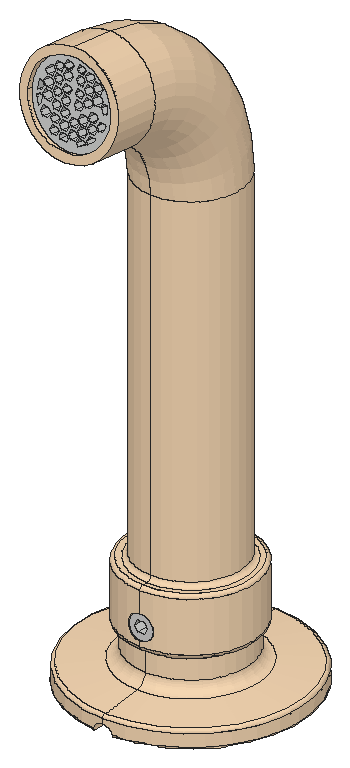
Revit family "Faucet-Wall_Mount-Bath_Spout-KOHLER-Castia-K-35922_1", category Plumbing Fixtures, host Face, Revit 2021
Family settings
  Host = Face
  Round Connector Dimension = Use Diameter
  Part Type = Normal
  OmniClass Number = 23.31.11.00
  OmniClass Title = Faucets
  Cut with Voids When Loaded = No
  Shared = No
  Room Calculation Point = No
Parameters (values of type "2MB-Vibrant Brushed Moderne Brass")
  Width = 2 127/256"  # constant formula
  WaterSense Certified = 1 = 0  # no
  Waste Water Outlet = "Waste Water Outlet"  # constant formula
  Waste Connection = 1 = 0  # no
  Vent Connection = 1 = 0  # no
  URL = "https://www.us.kohler.com/us/"
  Type = 1
  Tempered Water Inlet = "Tempered Water Inlet"  # constant formula
  Spout Reach = 6 5/8"  # constant formula
  Product Page URL = "http://www.us.kohler.com/us/catalog/productDetails.jsp?productNumber=35922"
  Product Name = "Castia\r\n"  # constant formula
  Product Documentation Link = "https://www.us.kohler.com/webassets/kpna/catalog/pdf/en/K-35922_spec_US-CA_Kohler_en.pdf"
  Pressure = 0.00 psi
  Model = if(Type = 1, "K-35922-2MB", if(Type = 2, "K-35922-BL", if(Type = 3, "K-35922-BN", if(Type = 4, "K-35922-CP", if(Type = 5, "K-35922-SN", "NA")))))  # "K-35922-2MB"
  Material = "Premium Metal Construction\r\n"  # constant formula
  Master Format 2014 Name = "Residential Faucets, Supplies, and Trim"  # constant formula
  Master Format 2014 = "22 41 39"  # constant formula
  Manufacturer Address = "444 Highland Dr, Kohler, WI 53044"  # constant formula
  Manufacturer = "Kohler Co."  # constant formula
  Length = Spout Reach  # 6 5/8"
  Hot Water Inlet = "Hot Water Inlet"  # constant formula
  Height = 2 127/256"  # constant formula
  Handle Clearance = 0"
  HW Connection = 1 = 1  # yes
  Flow Rate = 0 GPM
  Finish = Kohler-Metal-2MB-Vibrant_Brushed_Moderne_Brass
  Faucet Hole Spacing = 0"
  Environmental Product Declaration = ""
  Drain Included = 1 = 0  # no
  Description = "TUB SPOUT"  # constant formula
  Default Elevation = 36"
  Declare Label = ""
  Date Modified = "04/07/2023"  # constant formula
  Date Created = "04/07/2023"  # constant formula
  Copyright = "Copyright Kohler Co."  # constant formula
  Contact Us = "https://www.us.kohler.com/us/static/contact.jsp"
  Cold Water Inlet = "Cold Water Inlet"  # constant formula
  CW Connection = 1 = 0  # no
  Assembly Code = "D2010"
  ADA Compliant = 1 = 0  # no
Types (6): name | Type | Model | Finish
  (no name) | 1 | "K-35922-2MB" | Kohler-Metal-2MB-Vibrant_Brushed_Moderne_Brass
  2MB-Vibrant Brushed Moderne Brass | 1 | "K-35922-2MB" | Kohler-Metal-2MB-Vibrant_Brushed_Moderne_Brass
  BL-Matte Black | 2 | "K-35922-BL" | Kohler-Metal-BL-Matte_Black
  BN-Vibrant Brushed Nickel | 3 | "K-35922-BN" | Kohler-Metal-BN-Vibrant_Brushed_Nickel
  CP-Polished Chrome | 4 | "K-35922-CP" | Kohler-Metal-CP-Polished_Chrome
  SN-Vibrant Polished Nickel | 5 | "K-35922-SN" | Kohler-Metal-SN-Vibrant_Polished_Nickel
Reference planes (in)
  plane 1 "Center (Front/Back)": y = 0
  plane 2: z = 0
  plane 3 "Center (Left/Right)": x = 0
  plane 4: y = 1.24724
  plane 5: x = -1.24724
  plane 6: y = -1.79572
  plane 7: x = 1.24885
  plane 8: y = 0.71654
  plane 9: y = -0.56299
  plane 10: x = -0.56299
  plane 11: y = -0.71654
  plane 12: x = 0.71654
  plane 13: x = 0.56299
  plane 14: x = -0.71654
  plane 15: y = -1.24885
  plane 16: y = 0.56299
  plane 17: z = 6.625
  plane 18: z = 7.1811
Dimensions and locks (in)
  "Width": plane 5 to plane 7
  "Length": plane 17 to level
  plane 16 to plane 9 = 1.12598"
  plane 8 to plane 11 = 1.43307"
  plane 18 to level = 7.1811"
  "Height": plane 4 to plane 15
  plane 6 to plane 4 = 3 11/256"
  aligned and locked: plane 2 to host face
  aligned and locked: level to host face
Automatic sketch dimensions
  host sketch curve to host sketch curve = 96"  (x2)
Nested families (in)
  nested 1: "K-35922" at (0, 0, 0), type "K-35922"
Connectors (in)
  piping at (0, 0, 0), diameter 0.5, driven by "HW Connection", driven by "Tempered Water Inlet"
    settings: on nested 1, index 1, connector inside diameter 24", connector length 0", flow factor 0, pipe flow 0 GPM, pressure drop 0.00 psi, fitting loss kfactor 0, connector angle 0.00°, fixture units 0, engagement length 0", angle of deflection 0.00°, flow configuration 0, flow direction 1, fitting loss method 0, system type 19, joint type 0, gender type 0, connector reference index -1, connector utility 1, adjustable connector no, is connector primary yes, connector description "Tempered Water Inlet"
Definition of nested family "K-35922"
  Parameters
    Material = none
    Default Elevation = 0"
  Reference planes (in)
    plane 1 "Center (Front/Back)": y = 0
    plane 2: z = 0
    plane 3 "Center (Left/Right)": x = 0
    plane 4: y = 1.24724
    plane 5: y = -1.24724
    plane 6: x = -1.24724
    plane 7: x = 1.24724
    plane 8: y = -1.79606
    plane 9: z = 7.1811
    plane 10: z = 6.62598
    plane 11: x = -0.56299
    plane 12: x = 0.56299
    plane 13: x = -0.71654
    plane 14: x = 0.71654
    plane 15: y = 0.56299
    plane 16: y = -0.56299
    plane 17: y = 0.71654
    plane 18: y = -0.71654
  Forms (in)
    Revolve 1, solid, material <- "Material", detail levels medium+fine
      sketch origin (0, 0, 0) x (0, 1, 0) y (0, 0, 1)
        loop
          line (0, 0) -> (1.22756, 0)
          arc (1.22756, 0) -> (1.24148, 0.00577) -> (1.24724, 0.01969) r 0.01969
          line (1.24724, 0.01969) -> (1.24724, 0.15585)
          arc (1.24724, 0.15585) -> (1.2369, 0.18245) -> (1.21131, 0.19507) r 0.03937
          line (1.21131, 0.19507) -> (0.75802, 0.23473)
          arc (0.75802, 0.23473) -> (0.67424, 0.27604) -> (0.64038, 0.36311) r 0.12887
          line (0.64038, 0.36311) -> (0.64038, 0.58214)
          arc (0.64038, 0.58214) -> (0.63589, 0.60073) -> (0.62341, 0.61522) r 0.04071
          line (0.62341, 0.61522) -> (0.67458, 0.61522)
          arc (0.67458, 0.61522) -> (0.70425, 0.62751) -> (0.71654, 0.65717) r 0.04196
          line (0.71654, 0.65717) -> (0.71654, 1.22744)
          arc (0.71654, 1.22744) -> (0.705, 1.25528) -> (0.67717, 1.26681) r 0.03937
          line (0.67717, 1.26681) -> (0.6153, 1.26681)
          arc (0.6153, 1.26681) -> (0.57831, 1.28213) -> (0.56299, 1.31912) r 0.05231
          line (0.56299, 1.31912) -> (0.56299, 1.37184) -> (0, 1.37184) -> (0, 0)
        axis (0, 0) -> (0, 1.37184)
      angle from 0 to 360
    Sweep 2, solid, material <- "Material", detail levels medium+fine
      path origin (0, 0, 0) x (0, 1, 0) y (0, 0, 1)
        loop
          line (0, 1.06129) -> (0, 5.19515)
          arc (0, 5.19515) -> (-0.34593, 6.10821) -> (-1.21002, 6.56283) r 1.37795
          line (-1.21002, 6.56283) -> (-1.72437, 6.62598)
      profile origin (0, 0, 3.12822) x (0, -1, 0) y (1, 0, 0)
        loop
          circle (0, 0) r 0.56299
    Extrusion 3, void
      sketch origin (0, -1.72437, 6.62598) x (1, 0, 0) y (0, 0.121869, 0.992546)
        loop
          circle (0, 0) r 0.47244
      from -0.27302 to 1.00587
    Extrusion 4, solid, detail levels medium+fine
      sketch origin (0, -1.72437, 6.62598) x (1, 0, 0) y (0, 0.121869, 0.992546)
        loop
          circle (0, 0) r 0.47244
        loop
          line (-0.12628, 0.00106) -> (-0.097, -0.04965) -> (-0.03792, -0.04965) -> (-0.02, 0.00049) -> (-0.04194, 0.04755) -> (-0.09944, 0.04755) -> (-0.12628, 0.00106)
        loop
          line (-0.20082, 0.10033) -> (-0.22711, 0.0548) -> (-0.20082, 0.00927) -> (-0.14825, 0.00927) -> (-0.12197, 0.0548) -> (-0.14825, 0.10033) -> (-0.20082, 0.10033)
        loop
          line (-0.20082, 0.2253) -> (-0.22431, 0.18462) -> (-0.20082, 0.13425) -> (-0.14825, 0.13425) -> (-0.12197, 0.17977) -> (-0.14825, 0.2253) -> (-0.20082, 0.2253)
        loop
          line (-0.20082, 0.34966) -> (-0.22711, 0.30413) -> (-0.20082, 0.2586) -> (-0.14825, 0.2586) -> (-0.12197, 0.30413) -> (-0.14825, 0.34966) -> (-0.20082, 0.34966)
        loop
          line (-0.09837, 0.15741) -> (-0.12541, 0.11058) -> (-0.09837, 0.06374) -> (-0.04429, 0.06374) -> (-0.01725, 0.11058) -> (-0.04429, 0.15741) -> (-0.09837, 0.15741)
        loop
          line (-0.09837, 0.29032) -> (-0.12541, 0.24348) -> (-0.09837, 0.19665) -> (-0.04429, 0.19665) -> (-0.01725, 0.24348) -> (-0.04429, 0.29032) -> (-0.09837, 0.29032)
        loop
          line (-0.09837, 0.39183) -> (-0.12541, 0.345) -> (-0.09837, 0.29816) -> (-0.04429, 0.29816) -> (-0.01725, 0.345) -> (-0.04429, 0.39183) -> (-0.09837, 0.39183)
        loop
          line (-0.30763, 0.16718) -> (-0.33835, 0.11398) -> (-0.30763, 0.06078) -> (-0.2462, 0.06078) -> (-0.21549, 0.11398) -> (-0.2462, 0.16718) -> (-0.30763, 0.16718)
        loop
          line (-0.3988, 0.00927) -> (-0.3539, 0.00927) -> (-0.32416, 0.06078) -> (-0.35097, 0.10722) -> (-0.38504, 0.10722) -> (-0.3988, 0.00927)
        loop
          line (-0.32617, 0.22669) -> (-0.30377, 0.1879) -> (-0.24723, 0.1879) -> (-0.2191, 0.23664) -> (-0.23654, 0.29032) -> (-0.27278, 0.29032) -> (-0.32617, 0.22669)
        loop
          line (0.12573, 0.00201) -> (0.09944, 0.04755) -> (0.04194, 0.04755) -> (0.01913, -0.00137) -> (0.03539, -0.05141) -> (0.10664, -0.05141) -> (0.12573, 0.00201)
        loop
          line (0.20082, 0.10033) -> (0.14825, 0.10033) -> (0.12197, 0.0548) -> (0.14825, 0.00927) -> (0.20082, 0.00927) -> (0.22711, 0.0548) -> (0.20082, 0.10033)
        loop
          line (0.20082, 0.2253) -> (0.14825, 0.2253) -> (0.12197, 0.17977) -> (0.14825, 0.13425) -> (0.20082, 0.13425) -> (0.22711, 0.17977) -> (0.20082, 0.2253)
        loop
          line (0.20082, 0.34966) -> (0.14825, 0.34966) -> (0.12197, 0.30413) -> (0.14825, 0.2586) -> (0.20082, 0.2586) -> (0.22711, 0.30413) -> (0.20082, 0.34966)
        loop
          line (0.09837, 0.15741) -> (0.04429, 0.15741) -> (0.01725, 0.11058) -> (0.04429, 0.06374) -> (0.09837, 0.06374) -> (0.12541, 0.11058) -> (0.09837, 0.15741)
        loop
          line (0.09837, 0.29032) -> (0.04429, 0.29032) -> (0.01725, 0.24348) -> (0.04429, 0.19665) -> (0.09837, 0.19665) -> (0.12541, 0.24348) -> (0.09837, 0.29032)
        loop
          line (0.09837, 0.39183) -> (0.04429, 0.39183) -> (0.01725, 0.345) -> (0.04429, 0.29816) -> (0.09837, 0.29816) -> (0.12541, 0.345) -> (0.09837, 0.39183)
        loop
          line (0.30763, 0.16718) -> (0.2462, 0.16718) -> (0.21549, 0.11398) -> (0.2462, 0.06078) -> (0.30763, 0.06078) -> (0.33835, 0.11398) -> (0.30763, 0.16718)
        loop
          line (0.3988, 0.00927) -> (0.38504, 0.10722) -> (0.35097, 0.10722) -> (0.32416, 0.06078) -> (0.3539, 0.00927) -> (0.3988, 0.00927)
        loop
          line (0.32617, 0.22669) -> (0.27278, 0.29032) -> (0.23654, 0.29032) -> (0.2191, 0.23664) -> (0.24723, 0.1879) -> (0.30377, 0.1879) -> (0.32617, 0.22669)
        loop
          line (-0.20082, -0.02895) -> (-0.22711, -0.07448) -> (-0.20082, -0.12) -> (-0.14825, -0.12) -> (-0.12197, -0.07448) -> (-0.14825, -0.02895) -> (-0.20082, -0.02895)
        loop
          line (-0.20082, -0.16185) -> (-0.22711, -0.20738) -> (-0.20082, -0.25291) -> (-0.14825, -0.25291) -> (-0.12197, -0.20738) -> (-0.14825, -0.16185) -> (-0.20082, -0.16185)
        loop
          line (-0.20082, -0.27604) -> (-0.22711, -0.32157) -> (-0.20082, -0.3671) -> (-0.14825, -0.3671) -> (-0.12197, -0.32157) -> (-0.14825, -0.27604) -> (-0.20082, -0.27604)
        loop
          line (-0.09481, -0.07036) -> (-0.12425, -0.12135) -> (-0.09636, -0.16966) -> (-0.04286, -0.16966) -> (-0.01419, -0.12) -> (-0.04285, -0.07036) -> (-0.09481, -0.07036)
        loop
          line (-0.12656, -0.24117) -> (-0.09813, -0.29042) -> (-0.03941, -0.29042) -> (-0.01101, -0.24124) -> (-0.04074, -0.18975) -> (-0.09687, -0.18975) -> (-0.12656, -0.24117)
        loop
          line (-0.11888, -0.34684) -> (-0.11202, -0.38575) -> (-0.03528, -0.39928) -> (-0.01355, -0.36164) -> (-0.04169, -0.31289) -> (-0.09928, -0.31289) -> (-0.11888, -0.34684)
        loop
          line (-0.02139, -0.18062) -> (0.00676, -0.22937) -> (0.06305, -0.22937) -> (0.0905, -0.18182) -> (0.06136, -0.13135) -> (0.00706, -0.13135) -> (-0.02139, -0.18062)
        loop
          line (0.08191, -0.12045) -> (0.11033, -0.16966) -> (0.16751, -0.16966) -> (0.19618, -0.12) -> (0.16751, -0.07036) -> (0.10527, -0.07036) -> (0.08191, -0.12045)
        loop
          line (0.18565, -0.06781) -> (0.21289, -0.11499) -> (0.26979, -0.11499) -> (0.30094, -0.06105) -> (0.27248, -0.01175) -> (0.21179, -0.01175) -> (0.18565, -0.06781)
        loop
          line (-0.02106, -0.30057) -> (0.00928, -0.35312) -> (0.06159, -0.35312) -> (0.091, -0.30219) -> (0.06149, -0.25109) -> (0.00751, -0.25109) -> (-0.02106, -0.30057)
        loop
          line (0.0985, -0.38828) -> (0.19158, -0.35312) -> (0.16835, -0.31289) -> (0.10854, -0.31289) -> (0.08176, -0.35928) -> (0.0985, -0.38828)
        loop
          line (0.08135, -0.23978) -> (0.11122, -0.29152) -> (0.16799, -0.29152) -> (0.19655, -0.24206) -> (0.16548, -0.18826) -> (0.1111, -0.18826) -> (0.08135, -0.23978)
        loop
          line (0.20654, -0.3363) -> (0.28824, -0.27695) -> (0.28278, -0.24599) -> (0.21466, -0.25109) -> (0.186, -0.30073) -> (0.20654, -0.3363)
        loop
          line (0.1851, -0.18029) -> (0.21343, -0.22937) -> (0.27398, -0.22937) -> (0.30195, -0.18092) -> (0.27333, -0.13135) -> (0.21336, -0.13135) -> (0.1851, -0.18029)
        loop
          line (0.36445, -0.17016) -> (0.38965, -0.10013) -> (0.37327, -0.07175) -> (0.31926, -0.07175) -> (0.29018, -0.12212) -> (0.31466, -0.17016) -> (0.36445, -0.17016)
        loop
          line (-0.30763, 0.03695) -> (-0.33835, -0.01625) -> (-0.30763, -0.06945) -> (-0.2462, -0.06945) -> (-0.21549, -0.01625) -> (-0.2462, 0.03695) -> (-0.30763, 0.03695)
        loop
          line (-0.31993, -0.12572) -> (-0.35065, -0.17892) -> (-0.31993, -0.23212) -> (-0.25851, -0.23212) -> (-0.22779, -0.17892) -> (-0.25851, -0.12572) -> (-0.31993, -0.12572)
        loop
          line (-0.40708, -0.04965) -> (-0.37265, -0.14082) -> (-0.33672, -0.12251) -> (-0.34453, -0.03321) -> (-0.3785, -0.02107) -> (-0.40708, -0.04965)
      from -0.27302 to -0.05081
    Extrusion 5, void
      sketch origin (0, 0, 0) x (1, 0, 0) y (0, 0, 1)
        loop
          circle (0, 0.85227) r 0.14173
      from 0.36209 to 1.59599
    Extrusion 6, solid, detail levels medium+fine
      sketch origin (0, 0, 0) x (1, 0, 0) y (0, 0, 1)
        loop
          circle (0, 0.85227) r 0.1378
        loop
          line (-0.03675, 0.91593) -> (-0.0735, 0.85227) -> (-0.03675, 0.78862) -> (0.03675, 0.78862) -> (0.0735, 0.85227) -> (0.03675, 0.91593) -> (-0.03675, 0.91593)
      from 0.36209 to 0.70191
    Extrusion 7, void
      sketch origin (0, 0, 0) x (1, 0, 0) y (0, 0, 1)
        loop
          circle (0, 0) r 0.10644
      from 0.79162 to 9.84252
    Revolve 8, solid, material <- "Material", detail levels coarse
      sketch origin (0, 0, 0) x (0, 1, 0) y (0, 0, 1)
        loop
          line (0, 0) -> (1.24724, 0) -> (1.24724, 0.38759) -> (0.71654, 0.38759) -> (0.71654, 1.37184) -> (0, 1.37184) -> (0, 0)
        axis (0, 0) -> (0, 1.37184)
      angle from 0 to 360
    Sweep 9, solid, material <- "Material", detail levels coarse
      path origin (0, 0, 0) x (0, 1, 0) y (0, 0, 1)
        loop
          line (0, 1.21542) -> (0, 5.19515)
          arc (0, 5.19515) -> (-0.34593, 6.10821) -> (-1.21002, 6.56283) r 1.37795
          line (-1.21002, 6.56283) -> (-1.72437, 6.62598)
      profile origin (0, 0, 3.20528) x (0, -1, 0) y (1, 0, 0)
        loop
          circle (0, 0) r 0.56299
    Extrusion 10, solid, material <- "Material", detail levels medium+fine
      sketch origin (0, 0, 0) x (1, 0, 0) y (0, 1, 0)
        loop
          circle (0, 0) r 0.03937
      from 0 to 0.02228
  Cuts and joins
    Extrusion 5, Extrusion 7 cuts Revolve 1
    Extrusion 3, Extrusion 5 cuts Sweep 2
    joined: Revolve 1, Sweep 2
    joined: Revolve 8, Sweep 9
  Lines and regions (in)
    Masking region 1
      outline origin (0, 0, 0) x (1, 0, 0) y (0, 1, 0)
        loop
          spline (-0.56299, -1.72437) -> (-0.54381, -1.74292) -> (-0.48757, -1.76021) -> (-0.3981, -1.77506) -> (-0.2815, -1.78646) -> (-0.14571, -1.79362) -> (0, -1.79606) -> (0.14571, -1.79362) -> (0.2815, -1.78646) -> (0.3981, -1.77506) -> (0.48757, -1.76021) -> (0.54381, -1.74292) -> (0.56299, -1.72437)
          line (0.56299, -1.72437) -> (0.56299, -1.11295)
          arc (0.56299, -1.11295) -> (0, 1.24724) -> (-0.56299, -1.11295) r 1.24724
          line (-0.56299, -1.11295) -> (-0.56299, -1.72437)
    Masking region 2
      outline origin (0, 0, 0) x (1, 0, 0) y (0, 0, 1)
        loop
          line (0, 0) -> (1.22756, 0)
          arc (1.22756, 0) -> (1.24148, 0.00577) -> (1.24724, 0.01969) r 0.01969
          line (1.24724, 0.01969) -> (1.24724, 0.16077)
          arc (1.24724, 0.16077) -> (1.2369, 0.18737) -> (1.21131, 0.19999) r 0.03937
          line (1.21131, 0.19999) -> (0.76429, 0.2391)
          arc (0.76429, 0.2391) -> (0.67745, 0.28193) -> (0.64235, 0.37217) r 0.13358
          line (0.64235, 0.37217) -> (0.64235, 0.59253)
          arc (0.64235, 0.59253) -> (0.63693, 0.60724) -> (0.62325, 0.61491) r 0.02265
          line (0.62325, 0.61491) -> (0.67717, 0.61491)
          arc (0.67717, 0.61491) -> (0.705, 0.62644) -> (0.71654, 0.65428) r 0.03937
          line (0.71654, 0.65428) -> (0.71654, 1.22797)
          arc (0.71654, 1.22797) -> (0.705, 1.25581) -> (0.67717, 1.26735) r 0.03937
          line (0.67717, 1.26735) -> (0.61681, 1.26735)
          arc (0.61681, 1.26735) -> (0.57875, 1.28311) -> (0.56299, 1.32116) r 0.05382
          line (0.56299, 1.32116) -> (0.56299, 6.61925)
          arc (0.56299, 6.61925) -> (0, 7.18224) -> (-0.56299, 6.61925) r 0.56299
          line (-0.56299, 6.61925) -> (-0.56299, 1.32116)
          arc (-0.56299, 1.32116) -> (-0.57875, 1.28311) -> (-0.61681, 1.26735) r 0.05382
          line (-0.61681, 1.26735) -> (-0.67717, 1.26735)
          arc (-0.67717, 1.26735) -> (-0.705, 1.25581) -> (-0.71654, 1.22797) r 0.03937
          line (-0.71654, 1.22797) -> (-0.71654, 0.65428)
          arc (-0.71654, 0.65428) -> (-0.705, 0.62644) -> (-0.67717, 0.61491) r 0.03937
          line (-0.67717, 0.61491) -> (-0.62325, 0.61491)
          arc (-0.62325, 0.61491) -> (-0.63693, 0.60724) -> (-0.64235, 0.59253) r 0.02265
          line (-0.64235, 0.59253) -> (-0.64235, 0.37217)
          arc (-0.64235, 0.37217) -> (-0.67745, 0.28193) -> (-0.76429, 0.2391) r 0.13358
          line (-0.76429, 0.2391) -> (-1.21131, 0.19999)
          arc (-1.21131, 0.19999) -> (-1.2369, 0.18737) -> (-1.24724, 0.16077) r 0.03937
          line (-1.24724, 0.16077) -> (-1.24724, 0.01969)
          arc (-1.24724, 0.01969) -> (-1.24148, 0.00577) -> (-1.22756, 0) r 0.01969
          line (-1.22756, 0) -> (0, 0)
    Masking region 3
      outline origin (0, 0, 0) x (0, 1, 0) y (0, 0, 1)
        loop
          line (0, 0) -> (1.22756, 0)
          arc (1.22756, 0) -> (1.24148, 0.00577) -> (1.24724, 0.01969) r 0.01969
          line (1.24724, 0.01969) -> (1.24724, 0.15626)
          arc (1.24724, 0.15626) -> (1.2369, 0.18286) -> (1.21131, 0.19548) r 0.03937
          line (1.21131, 0.19548) -> (0.75951, 0.23501)
          arc (0.75951, 0.23501) -> (0.67351, 0.27742) -> (0.63875, 0.3668) r 0.13229
          line (0.63875, 0.3668) -> (0.63875, 0.58798)
          arc (0.63875, 0.58798) -> (0.6306, 0.60766) -> (0.61091, 0.61581) r 0.02784
          line (0.61091, 0.61581) -> (0.67433, 0.61581)
          arc (0.67433, 0.61581) -> (0.70417, 0.62818) -> (0.71654, 0.65802) r 0.04221
          line (0.71654, 0.65802) -> (0.71654, 1.22755)
          arc (0.71654, 1.22755) -> (0.705, 1.25539) -> (0.67717, 1.26692) r 0.03937
          line (0.67717, 1.26692) -> (0.60236, 1.26692)
          arc (0.60236, 1.26692) -> (0.57452, 1.27845) -> (0.56299, 1.30629) r 0.03937
          line (0.56299, 1.30629) -> (0.56299, 5.24568)
          arc (0.56299, 5.24568) -> (0.09064, 6.49242) -> (-1.08924, 7.11318) r 1.88153
          line (-1.08924, 7.11318) -> (-1.64173, 7.18102)
          arc (-1.64173, 7.18102) -> (-1.65625, 7.177) -> (-1.66367, 7.16388) r 0.01969
          line (-1.66367, 7.16388) -> (-1.79592, 6.0868)
          arc (-1.79592, 6.0868) -> (-1.79188, 6.07224) -> (-1.77874, 6.06481) r 0.01973
          line (-1.77874, 6.06481) -> (-1.25443, 6.00043)
          arc (-1.25443, 6.00043) -> (-0.76066, 5.74065) -> (-0.56299, 5.2189) r 0.7874
          line (-0.56299, 5.2189) -> (-0.56299, 1.30629)
          arc (-0.56299, 1.30629) -> (-0.57452, 1.27845) -> (-0.60236, 1.26692) r 0.03937
          line (-0.60236, 1.26692) -> (-0.67717, 1.26692)
          arc (-0.67717, 1.26692) -> (-0.705, 1.25539) -> (-0.71654, 1.22755) r 0.03937
          line (-0.71654, 1.22755) -> (-0.71654, 0.65802)
          arc (-0.71654, 0.65802) -> (-0.70417, 0.62818) -> (-0.67433, 0.61581) r 0.04221
          line (-0.67433, 0.61581) -> (-0.61091, 0.61581)
          arc (-0.61091, 0.61581) -> (-0.6306, 0.60766) -> (-0.63875, 0.58798) r 0.02784
          line (-0.63875, 0.58798) -> (-0.63875, 0.3668)
          arc (-0.63875, 0.3668) -> (-0.67351, 0.27742) -> (-0.75951, 0.23501) r 0.13229
          line (-0.75951, 0.23501) -> (-1.21131, 0.19548)
          arc (-1.21131, 0.19548) -> (-1.2369, 0.18286) -> (-1.24724, 0.15626) r 0.03937
          line (-1.24724, 0.15626) -> (-1.24724, 0.01969)
          arc (-1.24724, 0.01969) -> (-1.24148, 0.00577) -> (-1.22756, 0) r 0.01969
          line (-1.22756, 0) -> (0, 0)
    symbolic lines, detail levels medium+fine
      curve 1: line (-0.56299, -1.09073, 0) -> (-0.56299, 0.00454, 0)
      curve 2: line (0.56299, -1.09073, 0) -> (0.56299, 0.00454, 0)
      curve 3: arc (-0.56299, 0.00454, 0) -> (0, 0.56753, 0) -> (0.56299, 0.00454, 0) r 0.56299
      curve 4: spline (-0.56299, -1.72437, 0) -> (-0.54381, -1.70581, 0) -> (-0.48757, -1.68852, 0) -> (-0.3981, -1.67367, 0) -> (-0.2815, -1.66228, 0) -> (-0.14571, -1.65511, 0) -> (0, -1.65267, 0) -> (0.14571, -1.65511, 0) -> (0.2815, -1.66228, 0) -> (0.3981, -1.67367, 0) -> (0.48757, -1.68852, 0) -> (0.54381, -1.70581, 0) -> (0.56299, -1.72437, 0)
      curve 5: spline (0.54028, -1.72437, 0) -> (0.52187, -1.73767, 0) -> (0.4679, -1.75006, 0) -> (0.38204, -1.76071, 0) -> (0.27014, -1.76888, 0) -> (0.13984, -1.77401, 0) -> (0, -1.77576, 0) -> (-0.13984, -1.77401, 0) -> (-0.27014, -1.76888, 0) -> (-0.38204, -1.76071, 0) -> (-0.4679, -1.75006, 0) -> (-0.52187, -1.73767, 0) -> (-0.54028, -1.72437, 0) -> (-0.52187, -1.71106, 0) -> (-0.4679, -1.69867, 0) -> (-0.38204, -1.68802, 0) -> (-0.27014, -1.67986, 0) -> (-0.13984, -1.67472, 0) -> (0, -1.67297, 0) -> (0.13984, -1.67472, 0) -> (0.27014, -1.67986, 0) -> (0.38204, -1.68802, 0) -> (0.4679, -1.69867, 0) -> (0.52187, -1.71106, 0) -> (0.54028, -1.72437, 0)
      curve 6: spline (0.50994, -1.72437, 0) -> (0.49256, -1.73293, 0) -> (0.44162, -1.7409, 0) -> (0.36058, -1.74775, 0) -> (0.25497, -1.753, 0) -> (0.13198, -1.75631, 0) -> (0, -1.75744, 0) -> (-0.13198, -1.75631, 0) -> (-0.25497, -1.753, 0) -> (-0.36058, -1.74775, 0) -> (-0.44162, -1.7409, 0) -> (-0.49256, -1.73293, 0) -> (-0.50994, -1.72437, 0) -> (-0.49256, -1.71581, 0) -> (-0.44162, -1.70783, 0) -> (-0.36058, -1.70098, 0) -> (-0.25497, -1.69573, 0) -> (-0.13198, -1.69242, 0) -> (0, -1.6913, 0) -> (0.13198, -1.69242, 0) -> (0.25497, -1.69573, 0) -> (0.36058, -1.70098, 0) -> (0.44162, -1.70783, 0) -> (0.49256, -1.71581, 0) -> (0.50994, -1.72437, 0)
      curve 7: spline (-0.45682, -1.72319, 0) -> (-0.45577, -1.72522, 0) -> (-0.45269, -1.72712, 0) -> (-0.4478, -1.72875, 0) -> (-0.44142, -1.73001, 0) -> (-0.43399, -1.73079, 0) -> (-0.42602, -1.73106, 0) -> (-0.41804, -1.73079, 0) -> (-0.41061, -1.73001, 0) -> (-0.40423, -1.72875, 0) -> (-0.39934, -1.72712, 0) -> (-0.39626, -1.72522, 0) -> (-0.39521, -1.72319, 0) -> (-0.39626, -1.72115, 0) -> (-0.39934, -1.71925, 0) -> (-0.40423, -1.71762, 0) -> (-0.41061, -1.71637, 0) -> (-0.41804, -1.71558, 0) -> (-0.42602, -1.71531, 0) -> (-0.43399, -1.71558, 0) -> (-0.44142, -1.71637, 0) -> (-0.4478, -1.71762, 0) -> (-0.45269, -1.71925, 0) -> (-0.45577, -1.72115, 0) -> (-0.45682, -1.72319, 0)
      curve 8: spline (-0.37643, -1.73022, 0) -> (-0.37538, -1.73226, 0) -> (-0.3723, -1.73416, 0) -> (-0.36741, -1.73579, 0) -> (-0.36103, -1.73704, 0) -> (-0.3536, -1.73783, 0) -> (-0.34563, -1.73809, 0) -> (-0.33766, -1.73783, 0) -> (-0.33023, -1.73704, 0) -> (-0.32385, -1.73579, 0) -> (-0.31895, -1.73416, 0) -> (-0.31587, -1.73226, 0) -> (-0.31483, -1.73022, 0) -> (-0.31587, -1.72818, 0) -> (-0.31895, -1.72628, 0) -> (-0.32385, -1.72465, 0) -> (-0.33023, -1.7234, 0) -> (-0.33766, -1.72261, 0) -> (-0.34563, -1.72235, 0) -> (-0.3536, -1.72261, 0) -> (-0.36103, -1.7234, 0) -> (-0.36741, -1.72465, 0) -> (-0.3723, -1.72628, 0) -> (-0.37538, -1.72818, 0) -> (-0.37643, -1.73022, 0)
      curve 9: spline (-0.33329, -1.7101, 0) -> (-0.33224, -1.71214, 0) -> (-0.32916, -1.71404, 0) -> (-0.32427, -1.71567, 0) -> (-0.31789, -1.71692, 0) -> (-0.31046, -1.71771, 0) -> (-0.30249, -1.71798, 0) -> (-0.29451, -1.71771, 0) -> (-0.28708, -1.71692, 0) -> (-0.28071, -1.71567, 0) -> (-0.27581, -1.71404, 0) -> (-0.27273, -1.71214, 0) -> (-0.27168, -1.7101, 0) -> (-0.27273, -1.70806, 0) -> (-0.27581, -1.70617, 0) -> (-0.28071, -1.70453, 0) -> (-0.28708, -1.70328, 0) -> (-0.29451, -1.7025, 0) -> (-0.30249, -1.70223, 0) -> (-0.31046, -1.7025, 0) -> (-0.31789, -1.70328, 0) -> (-0.32427, -1.70453, 0) -> (-0.32916, -1.70617, 0) -> (-0.33224, -1.70806, 0) -> (-0.33329, -1.7101, 0)
      curve 10: spline (-0.30047, -1.74292, 0) -> (-0.29942, -1.74496, 0) -> (-0.29635, -1.74686, 0) -> (-0.29145, -1.74849, 0) -> (-0.28507, -1.74974, 0) -> (-0.27764, -1.75052, 0) -> (-0.26967, -1.75079, 0) -> (-0.2617, -1.75052, 0) -> (-0.25427, -1.74974, 0) -> (-0.24789, -1.74849, 0) -> (-0.24299, -1.74686, 0) -> (-0.23992, -1.74496, 0) -> (-0.23887, -1.74292, 0) -> (-0.23992, -1.74088, 0) -> (-0.24299, -1.73898, 0) -> (-0.24789, -1.73735, 0) -> (-0.25427, -1.7361, 0) -> (-0.2617, -1.73531, 0) -> (-0.26967, -1.73504, 0) -> (-0.27764, -1.73531, 0) -> (-0.28507, -1.7361, 0) -> (-0.29145, -1.73735, 0) -> (-0.29635, -1.73898, 0) -> (-0.29942, -1.74088, 0) -> (-0.30047, -1.74292, 0)
      curve 11: spline (-0.26032, -1.71481, 0) -> (-0.25927, -1.71684, 0) -> (-0.2562, -1.71874, 0) -> (-0.2513, -1.72037, 0) -> (-0.24492, -1.72163, 0) -> (-0.23749, -1.72241, 0) -> (-0.22952, -1.72268, 0) -> (-0.22155, -1.72241, 0) -> (-0.21412, -1.72163, 0) -> (-0.20774, -1.72037, 0) -> (-0.20285, -1.71874, 0) -> (-0.19977, -1.71684, 0) -> (-0.19872, -1.71481, 0) -> (-0.19977, -1.71277, 0) -> (-0.20285, -1.71087, 0) -> (-0.20774, -1.70924, 0) -> (-0.21412, -1.70799, 0) -> (-0.22155, -1.7072, 0) -> (-0.22952, -1.70693, 0) -> (-0.23749, -1.7072, 0) -> (-0.24492, -1.70799, 0) -> (-0.2513, -1.70924, 0) -> (-0.2562, -1.71087, 0) -> (-0.25927, -1.71277, 0) -> (-0.26032, -1.71481, 0)
      curve 12: spline (-0.23021, -1.74492, 0) -> (-0.22916, -1.74696, 0) -> (-0.22608, -1.74886, 0) -> (-0.22119, -1.75049, 0) -> (-0.21481, -1.75174, 0) -> (-0.20738, -1.75253, 0) -> (-0.19941, -1.7528, 0) -> (-0.19143, -1.75253, 0) -> (-0.184, -1.75174, 0) -> (-0.17763, -1.75049, 0) -> (-0.17273, -1.74886, 0) -> (-0.16965, -1.74696, 0) -> (-0.1686, -1.74492, 0) -> (-0.16965, -1.74288, 0) -> (-0.17273, -1.74098, 0) -> (-0.17763, -1.73935, 0) -> (-0.184, -1.7381, 0) -> (-0.19143, -1.73732, 0) -> (-0.19941, -1.73705, 0) -> (-0.20738, -1.73732, 0) -> (-0.21481, -1.7381, 0) -> (-0.22119, -1.73935, 0) -> (-0.22608, -1.74098, 0) -> (-0.22916, -1.74288, 0) -> (-0.23021, -1.74492, 0)
      curve 13: spline (-0.18813, -1.71546, 0) -> (-0.18708, -1.71749, 0) -> (-0.184, -1.71939, 0) -> (-0.17911, -1.72102, 0) -> (-0.17273, -1.72227, 0) -> (-0.1653, -1.72306, 0) -> (-0.15732, -1.72333, 0) -> (-0.14935, -1.72306, 0) -> (-0.14192, -1.72227, 0) -> (-0.13554, -1.72102, 0) -> (-0.13065, -1.71939, 0) -> (-0.12757, -1.71749, 0) -> (-0.12652, -1.71546, 0) -> (-0.12757, -1.71342, 0) -> (-0.13065, -1.71152, 0) -> (-0.13554, -1.70989, 0) -> (-0.14192, -1.70864, 0) -> (-0.14935, -1.70785, 0) -> (-0.15732, -1.70758, 0) -> (-0.1653, -1.70785, 0) -> (-0.17273, -1.70864, 0) -> (-0.17911, -1.70989, 0) -> (-0.184, -1.71152, 0) -> (-0.18708, -1.71342, 0) -> (-0.18813, -1.71546, 0)
      curve 14: spline (-0.1592, -1.74438, 0) -> (-0.15815, -1.74642, 0) -> (-0.15507, -1.74832, 0) -> (-0.15018, -1.74995, 0) -> (-0.1438, -1.7512, 0) -> (-0.13637, -1.75199, 0) -> (-0.1284, -1.75226, 0) -> (-0.12042, -1.75199, 0) -> (-0.11299, -1.7512, 0) -> (-0.10661, -1.74995, 0) -> (-0.10172, -1.74832, 0) -> (-0.09864, -1.74642, 0) -> (-0.09759, -1.74438, 0) -> (-0.09864, -1.74235, 0) -> (-0.10172, -1.74045, 0) -> (-0.10661, -1.73882, 0) -> (-0.11299, -1.73757, 0) -> (-0.12042, -1.73678, 0) -> (-0.1284, -1.73651, 0) -> (-0.13637, -1.73678, 0) -> (-0.1438, -1.73757, 0) -> (-0.15018, -1.73882, 0) -> (-0.15507, -1.74045, 0) -> (-0.15815, -1.74235, 0) -> (-0.1592, -1.74438, 0)
      curve 15: spline (-0.11737, -1.70929, 0) -> (-0.11632, -1.71132, 0) -> (-0.11324, -1.71322, 0) -> (-0.10835, -1.71485, 0) -> (-0.10197, -1.71611, 0) -> (-0.09454, -1.71689, 0) -> (-0.08657, -1.71716, 0) -> (-0.0786, -1.71689, 0) -> (-0.07117, -1.71611, 0) -> (-0.06479, -1.71485, 0) -> (-0.05989, -1.71322, 0) -> (-0.05681, -1.71132, 0) -> (-0.05576, -1.70929, 0) -> (-0.05681, -1.70725, 0) -> (-0.05989, -1.70535, 0) -> (-0.06479, -1.70372, 0) -> (-0.07117, -1.70247, 0) -> (-0.0786, -1.70168, 0) -> (-0.08657, -1.70141, 0) -> (-0.09454, -1.70168, 0) -> (-0.10197, -1.70247, 0) -> (-0.10835, -1.70372, 0) -> (-0.11324, -1.70535, 0) -> (-0.11632, -1.70725, 0) -> (-0.11737, -1.70929, 0)
      curve 16: spline (-0.08529, -1.74136, 0) -> (-0.08424, -1.7434, 0) -> (-0.08117, -1.7453, 0) -> (-0.07627, -1.74693, 0) -> (-0.06989, -1.74818, 0) -> (-0.06246, -1.74897, 0) -> (-0.05449, -1.74924, 0) -> (-0.04652, -1.74897, 0) -> (-0.03909, -1.74818, 0) -> (-0.03271, -1.74693, 0) -> (-0.02782, -1.7453, 0) -> (-0.02474, -1.7434, 0) -> (-0.02369, -1.74136, 0) -> (-0.02474, -1.73932, 0) -> (-0.02782, -1.73743, 0) -> (-0.03271, -1.73579, 0) -> (-0.03909, -1.73454, 0) -> (-0.04652, -1.73376, 0) -> (-0.05449, -1.73349, 0) -> (-0.06246, -1.73376, 0) -> (-0.06989, -1.73454, 0) -> (-0.07627, -1.73579, 0) -> (-0.08117, -1.73743, 0) -> (-0.08424, -1.73932, 0) -> (-0.08529, -1.74136, 0)
      curve 17: spline (-0.04906, -1.70513, 0) -> (-0.04801, -1.70717, 0) -> (-0.04494, -1.70907, 0) -> (-0.04004, -1.7107, 0) -> (-0.03366, -1.71195, 0) -> (-0.02623, -1.71274, 0) -> (-0.01826, -1.71301, 0) -> (-0.01029, -1.71274, 0) -> (-0.00286, -1.71195, 0) -> (0.00352, -1.7107, 0) -> (0.00841, -1.70907, 0) -> (0.01149, -1.70717, 0) -> (0.01254, -1.70513, 0) -> (0.01149, -1.70309, 0) -> (0.00841, -1.7012, 0) -> (0.00352, -1.69957, 0) -> (-0.00286, -1.69831, 0) -> (-0.01029, -1.69753, 0) -> (-0.01826, -1.69726, 0) -> (-0.02623, -1.69753, 0) -> (-0.03366, -1.69831, 0) -> (-0.04004, -1.69957, 0) -> (-0.04494, -1.7012, 0) -> (-0.04801, -1.70309, 0) -> (-0.04906, -1.70513, 0)
      curve 18: spline (0.37643, -1.73022, 0) -> (0.37538, -1.73226, 0) -> (0.3723, -1.73416, 0) -> (0.36741, -1.73579, 0) -> (0.36103, -1.73704, 0) -> (0.3536, -1.73783, 0) -> (0.34563, -1.73809, 0) -> (0.33766, -1.73783, 0) -> (0.33023, -1.73704, 0) -> (0.32385, -1.73579, 0) -> (0.31895, -1.73416, 0) -> (0.31587, -1.73226, 0) -> (0.31483, -1.73022, 0) -> (0.31587, -1.72818, 0) -> (0.31895, -1.72628, 0) -> (0.32385, -1.72465, 0) -> (0.33023, -1.7234, 0) -> (0.33766, -1.72261, 0) -> (0.34563, -1.72235, 0) -> (0.3536, -1.72261, 0) -> (0.36103, -1.7234, 0) -> (0.36741, -1.72465, 0) -> (0.3723, -1.72628, 0) -> (0.37538, -1.72818, 0) -> (0.37643, -1.73022, 0)
      curve 19: spline (0.33329, -1.7101, 0) -> (0.33224, -1.71214, 0) -> (0.32916, -1.71404, 0) -> (0.32427, -1.71567, 0) -> (0.31789, -1.71692, 0) -> (0.31046, -1.71771, 0) -> (0.30249, -1.71798, 0) -> (0.29451, -1.71771, 0) -> (0.28708, -1.71692, 0) -> (0.28071, -1.71567, 0) -> (0.27581, -1.71404, 0) -> (0.27273, -1.71214, 0) -> (0.27168, -1.7101, 0) -> (0.27273, -1.70806, 0) -> (0.27581, -1.70617, 0) -> (0.28071, -1.70453, 0) -> (0.28708, -1.70328, 0) -> (0.29451, -1.7025, 0) -> (0.30249, -1.70223, 0) -> (0.31046, -1.7025, 0) -> (0.31789, -1.70328, 0) -> (0.32427, -1.70453, 0) -> (0.32916, -1.70617, 0) -> (0.33224, -1.70806, 0) -> (0.33329, -1.7101, 0)
      curve 20: spline (0.30047, -1.74292, 0) -> (0.29942, -1.74496, 0) -> (0.29635, -1.74686, 0) -> (0.29145, -1.74849, 0) -> (0.28507, -1.74974, 0) -> (0.27764, -1.75052, 0) -> (0.26967, -1.75079, 0) -> (0.2617, -1.75052, 0) -> (0.25427, -1.74974, 0) -> (0.24789, -1.74849, 0) -> (0.24299, -1.74686, 0) -> (0.23992, -1.74496, 0) -> (0.23887, -1.74292, 0) -> (0.23992, -1.74088, 0) -> (0.24299, -1.73898, 0) -> (0.24789, -1.73735, 0) -> (0.25427, -1.7361, 0) -> (0.2617, -1.73531, 0) -> (0.26967, -1.73504, 0) -> (0.27764, -1.73531, 0) -> (0.28507, -1.7361, 0) -> (0.29145, -1.73735, 0) -> (0.29635, -1.73898, 0) -> (0.29942, -1.74088, 0) -> (0.30047, -1.74292, 0)
      curve 21: spline (0.26032, -1.71481, 0) -> (0.25927, -1.71684, 0) -> (0.2562, -1.71874, 0) -> (0.2513, -1.72037, 0) -> (0.24492, -1.72163, 0) -> (0.23749, -1.72241, 0) -> (0.22952, -1.72268, 0) -> (0.22155, -1.72241, 0) -> (0.21412, -1.72163, 0) -> (0.20774, -1.72037, 0) -> (0.20285, -1.71874, 0) -> (0.19977, -1.71684, 0) -> (0.19872, -1.71481, 0) -> (0.19977, -1.71277, 0) -> (0.20285, -1.71087, 0) -> (0.20774, -1.70924, 0) -> (0.21412, -1.70799, 0) -> (0.22155, -1.7072, 0) -> (0.22952, -1.70693, 0) -> (0.23749, -1.7072, 0) -> (0.24492, -1.70799, 0) -> (0.2513, -1.70924, 0) -> (0.2562, -1.71087, 0) -> (0.25927, -1.71277, 0) -> (0.26032, -1.71481, 0)
      curve 22: spline (0.23021, -1.74492, 0) -> (0.22916, -1.74696, 0) -> (0.22608, -1.74886, 0) -> (0.22119, -1.75049, 0) -> (0.21481, -1.75174, 0) -> (0.20738, -1.75253, 0) -> (0.19941, -1.7528, 0) -> (0.19143, -1.75253, 0) -> (0.184, -1.75174, 0) -> (0.17763, -1.75049, 0) -> (0.17273, -1.74886, 0) -> (0.16965, -1.74696, 0) -> (0.1686, -1.74492, 0) -> (0.16965, -1.74288, 0) -> (0.17273, -1.74098, 0) -> (0.17763, -1.73935, 0) -> (0.184, -1.7381, 0) -> (0.19143, -1.73732, 0) -> (0.19941, -1.73705, 0) -> (0.20738, -1.73732, 0) -> (0.21481, -1.7381, 0) -> (0.22119, -1.73935, 0) -> (0.22608, -1.74098, 0) -> (0.22916, -1.74288, 0) -> (0.23021, -1.74492, 0)
      curve 23: spline (0.18813, -1.71546, 0) -> (0.18708, -1.71749, 0) -> (0.184, -1.71939, 0) -> (0.17911, -1.72102, 0) -> (0.17273, -1.72227, 0) -> (0.1653, -1.72306, 0) -> (0.15732, -1.72333, 0) -> (0.14935, -1.72306, 0) -> (0.14192, -1.72227, 0) -> (0.13554, -1.72102, 0) -> (0.13065, -1.71939, 0) -> (0.12757, -1.71749, 0) -> (0.12652, -1.71546, 0) -> (0.12757, -1.71342, 0) -> (0.13065, -1.71152, 0) -> (0.13554, -1.70989, 0) -> (0.14192, -1.70864, 0) -> (0.14935, -1.70785, 0) -> (0.15732, -1.70758, 0) -> (0.1653, -1.70785, 0) -> (0.17273, -1.70864, 0) -> (0.17911, -1.70989, 0) -> (0.184, -1.71152, 0) -> (0.18708, -1.71342, 0) -> (0.18813, -1.71546, 0)
      curve 24: spline (0.1592, -1.74438, 0) -> (0.15815, -1.74642, 0) -> (0.15507, -1.74832, 0) -> (0.15018, -1.74995, 0) -> (0.1438, -1.7512, 0) -> (0.13637, -1.75199, 0) -> (0.1284, -1.75226, 0) -> (0.12042, -1.75199, 0) -> (0.11299, -1.7512, 0) -> (0.10661, -1.74995, 0) -> (0.10172, -1.74832, 0) -> (0.09864, -1.74642, 0) -> (0.09759, -1.74438, 0) -> (0.09864, -1.74235, 0) -> (0.10172, -1.74045, 0) -> (0.10661, -1.73882, 0) -> (0.11299, -1.73757, 0) -> (0.12042, -1.73678, 0) -> (0.1284, -1.73651, 0) -> (0.13637, -1.73678, 0) -> (0.1438, -1.73757, 0) -> (0.15018, -1.73882, 0) -> (0.15507, -1.74045, 0) -> (0.15815, -1.74235, 0) -> (0.1592, -1.74438, 0)
      curve 25: spline (0.11737, -1.70929, 0) -> (0.11632, -1.71132, 0) -> (0.11324, -1.71322, 0) -> (0.10835, -1.71485, 0) -> (0.10197, -1.71611, 0) -> (0.09454, -1.71689, 0) -> (0.08657, -1.71716, 0) -> (0.0786, -1.71689, 0) -> (0.07117, -1.71611, 0) -> (0.06479, -1.71485, 0) -> (0.05989, -1.71322, 0) -> (0.05681, -1.71132, 0) -> (0.05576, -1.70929, 0) -> (0.05681, -1.70725, 0) -> (0.05989, -1.70535, 0) -> (0.06479, -1.70372, 0) -> (0.07117, -1.70247, 0) -> (0.0786, -1.70168, 0) -> (0.08657, -1.70141, 0) -> (0.09454, -1.70168, 0) -> (0.10197, -1.70247, 0) -> (0.10835, -1.70372, 0) -> (0.11324, -1.70535, 0) -> (0.11632, -1.70725, 0) -> (0.11737, -1.70929, 0)
      curve 26: spline (0.08529, -1.74136, 0) -> (0.08424, -1.7434, 0) -> (0.08117, -1.7453, 0) -> (0.07627, -1.74693, 0) -> (0.06989, -1.74818, 0) -> (0.06246, -1.74897, 0) -> (0.05449, -1.74924, 0) -> (0.04652, -1.74897, 0) -> (0.03909, -1.74818, 0) -> (0.03271, -1.74693, 0) -> (0.02782, -1.7453, 0) -> (0.02474, -1.7434, 0) -> (0.02369, -1.74136, 0) -> (0.02474, -1.73932, 0) -> (0.02782, -1.73743, 0) -> (0.03271, -1.73579, 0) -> (0.03909, -1.73454, 0) -> (0.04652, -1.73376, 0) -> (0.05449, -1.73349, 0) -> (0.06246, -1.73376, 0) -> (0.06989, -1.73454, 0) -> (0.07627, -1.73579, 0) -> (0.08117, -1.73743, 0) -> (0.08424, -1.73932, 0) -> (0.08529, -1.74136, 0)
      curve 27: spline (0.46171, -1.73022, 0) -> (0.46066, -1.73226, 0) -> (0.45759, -1.73416, 0) -> (0.45269, -1.73579, 0) -> (0.44631, -1.73704, 0) -> (0.43888, -1.73783, 0) -> (0.43091, -1.73809, 0) -> (0.42294, -1.73783, 0) -> (0.41551, -1.73704, 0) -> (0.40913, -1.73579, 0) -> (0.40423, -1.73416, 0) -> (0.40116, -1.73226, 0) -> (0.40011, -1.73022, 0) -> (0.40116, -1.72818, 0) -> (0.40423, -1.72628, 0) -> (0.40913, -1.72465, 0) -> (0.41551, -1.7234, 0) -> (0.42294, -1.72261, 0) -> (0.43091, -1.72235, 0) -> (0.43888, -1.72261, 0) -> (0.44631, -1.7234, 0) -> (0.45269, -1.72465, 0) -> (0.45759, -1.72628, 0) -> (0.46066, -1.72818, 0) -> (0.46171, -1.73022, 0)
      curve 28: spline (0.41495, -1.7132, 0) -> (0.4139, -1.71524, 0) -> (0.41082, -1.71714, 0) -> (0.40593, -1.71877, 0) -> (0.39955, -1.72002, 0) -> (0.39212, -1.72081, 0) -> (0.38415, -1.72107, 0) -> (0.37618, -1.72081, 0) -> (0.36875, -1.72002, 0) -> (0.36237, -1.71877, 0) -> (0.35747, -1.71714, 0) -> (0.35439, -1.71524, 0) -> (0.35334, -1.7132, 0) -> (0.35439, -1.71116, 0) -> (0.35747, -1.70926, 0) -> (0.36237, -1.70763, 0) -> (0.36875, -1.70638, 0) -> (0.37618, -1.70559, 0) -> (0.38415, -1.70533, 0) -> (0.39212, -1.70559, 0) -> (0.39955, -1.70638, 0) -> (0.40593, -1.70763, 0) -> (0.41082, -1.70926, 0) -> (0.4139, -1.71116, 0) -> (0.41495, -1.7132, 0)
      curve 29: spline (0.04008, -1.72485, 0) -> (0.03903, -1.72689, 0) -> (0.03595, -1.72879, 0) -> (0.03106, -1.73042, 0) -> (0.02468, -1.73167, 0) -> (0.01725, -1.73245, 0) -> (0.00928, -1.73272, 0) -> (0.00131, -1.73245, 0) -> (-0.00612, -1.73167, 0) -> (-0.0125, -1.73042, 0) -> (-0.0174, -1.72879, 0) -> (-0.02047, -1.72689, 0) -> (-0.02152, -1.72485, 0) -> (-0.02047, -1.72281, 0) -> (-0.0174, -1.72091, 0) -> (-0.0125, -1.71928, 0) -> (-0.00612, -1.71803, 0) -> (0.00131, -1.71724, 0) -> (0.00928, -1.71698, 0) -> (0.01725, -1.71724, 0) -> (0.02468, -1.71803, 0) -> (0.03106, -1.71928, 0) -> (0.03595, -1.72091, 0) -> (0.03903, -1.72281, 0) -> (0.04008, -1.72485, 0)
      curve 30: arc (0.56299, -1.09073, 0) -> (0, 1.22746, 0) -> (-0.56299, -1.09073, 0) r 1.22746
      curve 31: arc (0.56299, -0.1783, 0) -> (0, 0.59055, 0) -> (-0.56299, -0.1783, 0) r 0.59055
      curve 32: arc (0.56299, -0.44324, 0) -> (0, 0.71654, 0) -> (-0.56299, -0.44324, 0) r 0.71654
      curve 33: arc (0.56299, -0.47843, 0) -> (0, 0.73882, 0) -> (-0.56299, -0.47843, 0) r 0.73882
      curve 34: line (0.56299, -1.09073, 0) -> (0.56299, -1.13306, 0)
      curve 35: line (-0.56299, -1.09073, 0) -> (-0.56299, -1.13306, 0)
      curve 36: line (-1.24724, 0, 0.01969) -> (1.24724, 0, 0.01969)
      curve 37: line (1.24724, 0, 0.16077) -> (-1.24724, 0, 0.16077)
      curve 38: line (-1.21131, 0, 0.19999) -> (1.21131, 0, 0.19999)
      curve 39: line (-0.76429, 0, 0.2391) -> (0.76429, 0, 0.2391)
      curve 40: line (-0.64235, 0, 0.37217) -> (0.64235, 0, 0.37217)
      curve 41: line (-0.62341, 0, 0.61522) -> (0.62984, 0, 0.61522)
      curve 42: line (-0.64235, 0, 0.59253) -> (0.64235, 0, 0.59253)
      curve 43: line (-0.71654, 0, 0.65428) -> (0.71654, 0, 0.65428)
      curve 44: line (-0.61681, 0, 1.26735) -> (0.61681, 0, 1.26735)
      curve 45: line (-0.71654, 0, 1.22797) -> (0.71654, 0, 1.22797)
      curve 46: line (-0.56299, 0, 1.32116) -> (0.56299, 0, 1.32116)
      curve 47: line (-0.56299, 0, 5.24803) -> (0.56299, 0, 5.24803)
      curve 48: line (0, 1.24724, 0.01969) -> (0, -1.24285, 0.01969)
      curve 49: line (0, 1.24724, 0.15626) -> (0, -1.24724, 0.15626)
      curve 50: line (0, 1.21131, 0.19548) -> (0, -1.21131, 0.19548)
      curve 51: line (0, 0.75951, 0.23501) -> (0, -0.75951, 0.23501)
      curve 52: line (0, 0.63875, 0.3668) -> (0, -0.63875, 0.3668)
      curve 53: line (0, 0.61091, 0.61581) -> (0, -0.61091, 0.61581)
      curve 54: line (0, -0.63875, 0.58798) -> (0, 0.63875, 0.58798)
      curve 55: line (0, 0.71654, 0.65802) -> (0, -0.71654, 0.65802)
      curve 56: line (0, 0.60236, 1.26692) -> (0, -0.60236, 1.26692)
      curve 57: line (0, 0.71654, 1.22755) -> (0, -0.71654, 1.22755)
      curve 58: line (0, 0.56299, 1.30629) -> (0, -0.56299, 1.30629)
      curve 59: line (0, 0.56299, 5.24568) -> (0, -0.56299, 5.24568)
      curve 60: line (0, -1.08924, 7.11318) -> (0, -1.24286, 5.99892)
      curve 61: line (0, -1.64173, 7.18102) -> (0, -1.77873, 6.06481)
      curve 62: line (-0.56299, -1.41866, 0) -> (0.56299, -1.41866, 0)
  Dimensions and locks (in)
    plane 6 to plane 7 = 2.49449"
    plane 4 to plane 5 = 2.49449"
    plane 4 to plane 8 = 3.04331"
    plane 9 to plane 2 = 7.1811"
    plane 10 to level = 6.62598"
    plane 12 to plane 11 = 1.12598"
    plane 14 to plane 13 = 1.43307"
    plane 15 to plane 16 = 1.12598"
    plane 17 to plane 18 = 1.43307"
    aligned and locked: level to plane 2
